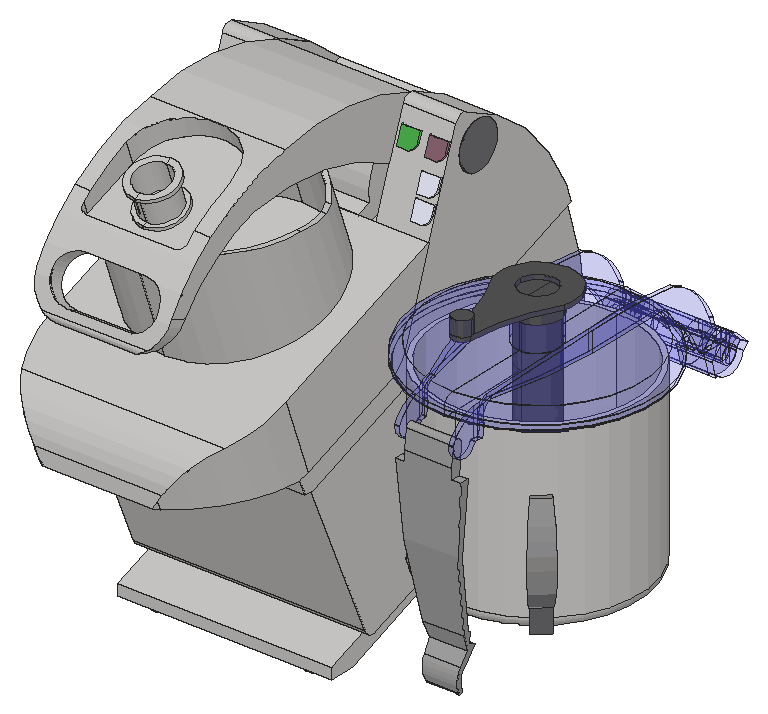
Revit family "QF_DITOSAMA_600435_DTRK55YI", category Specialty Equipment, Revit 2018 (continued)
Definition of nested family "QF_600532_BOWL"
  Lines and regions (mm)
    symbolic lines
      curve 50: arc (40.771, 54.948, 0) -> (114.476, -69.566, 0) -> (21.15, -180.138, 0) r 124.909
      curve 51: arc (-60.771, 41.751, 0) -> (-122.562, -68.863, 0) -> (-42.781, -167.295, 0) r 112.979
      curve 52: line (93.154, -162.392, 0) -> (78.293, -147.531, 0)
      curve 53: line (93.154, -162.392, 0) -> (74.048, -178.424, 0)
      curve 54: line (74.048, -178.424, 0) -> (61.96, -161.274, 0)
      curve 55: arc (-37.781, -168.686, 0) -> (-23.999, -171.284, 0) -> (-10, -172.155, 0) r 112.979
      curve 56: arc (-41.15, -180.138, 0) -> (-94.625, -151.05, 0) -> (-128, -100.142, 0) r 124.909
      curve 57: arc (22.781, -167.295, 0) -> (102.562, -68.863, 0) -> (40.771, 41.751, 0) r 112.979
      curve 58: arc (16.15, -181.317, 0) -> (3.148, -183.391, 0) -> (-10, -184.085, 0) r 124.909
      curve 59: line (16.15, -211, 0) -> (16.15, -177.864, 0)
      curve 60: line (-36.15, -211, 0) -> (-36.15, -177.864, 0)
      curve 61: line (-41.15, -211, 0) -> (21.15, -211, 0)
      curve 62: line (22.008, -210.888, 0) -> (22.008, -197.61, 0)
      curve 63: spline (-42.008, -197.61, 0) -> (-41.937, -197.617, 0) -> (-41.865, -197.622, 0) -> (-41.794, -197.626, 0) -> (-41.722, -197.627, 0) -> (-41.651, -197.627, 0) -> (-41.579, -197.625, 0) -> (-41.508, -197.621, 0) -> (-41.436, -197.615, 0) -> (-41.365, -197.608, 0) -> (-41.293, -197.598, 0) -> (-41.222, -197.587, 0) -> (-41.15, -197.574, 0)
      curve 64: line (-42.008, -210.888, 0) -> (-42.008, -197.61, 0)
      curve 65: arc (-128, -18.211, 0) -> (-101.973, 25.34, 0) -> (-60.771, 54.948, 0) r 124.909
      curve 66: arc (-128, -100.142, 0) -> (-134.909, -59.177, 0) -> (-128, -18.211, 0) r 124.909
      curve 67: line (-108, -177.764, 0) -> (-49.233, -177.764, 0)
      curve 68: line (-128, 191, 0) -> (-128, -17.764, 0)
      curve 69: line (29.233, -177.764, 0) -> (108, -177.764, 0)
      curve 70: line (-128, -97.764, 0) -> (-128, -157.764, 0)
      curve 71: line (-108, 211, 0) -> (108, 211, 0)
      curve 72: arc (-128, -157.764, 0) -> (-122.142, -171.906, 0) -> (-108, -177.764, 0) r 20
      curve 73: arc (108, -177.764, 0) -> (122.142, -171.906, 0) -> (128, -157.764, 0) r 20
      curve 74: arc (128, 191, 0) -> (122.142, 205.142, 0) -> (108, 211, 0) r 20
      curve 75: arc (-108, 211, 0) -> (-122.142, 205.142, 0) -> (-128, 191, 0) r 20
      curve 76: line (45.852, 123.86, 0) -> (-71.073, 123.86, 0)
      curve 77: line (45.852, 137.378, 0) -> (-65.852, 137.378, 0)
      curve 78: line (45.852, 143.082, 0) -> (-65.852, 143.082, 0)
      curve 79: line (53.607, 123.86, 0) -> (45.852, 123.86, 0)
      curve 80: line (45.852, 123.86, 0) -> (45.852, 170.216, 0)
      curve 81: line (45.852, 170.216, 0) -> (-65.852, 170.216, 0)
      curve 82: line (-65.852, 170.216, 0) -> (-65.852, 123.86, 0)
      curve 83: line (102.599, 101.361, 0) -> (117.599, 101.361, 0)
  Dimensions and locks
    plane 4 "TOP" to level = 705.4 mm  (x2)
    plane 7 "LEFT" to plane 3 "Center (Left/Right)" to plane 8 "RIGHT" = 128 mm, 128 mm
    plane 6 "BACK" to plane 1 "Center (Front/Back)" to plane 5 "FRONT" = 211 mm, 211 mm
    plane 6 "BACK" to plane 5 "FRONT" = 422 mm
    plane 7 "LEFT" to plane 8 "RIGHT" = 256 mm
    plane 9 "CenterX" to plane 3 "Center (Left/Right)" = 10 mm
    plane 12 to level = 510 mm
    aligned and locked: level to plane 2
    aligned and locked: Extrusion 5 to cut or joined group of Extrusion 8, Extrusion 9, Extrusion 11, Extrusion 20
